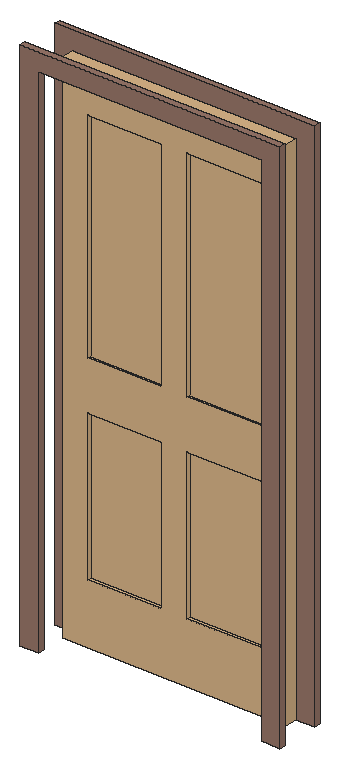
Revit family
Parameters (values of type "0915 x 2134mm")
  Thickness = 51.00 mm
  Door Material = Door - Panel
  Frame Material = Door - Frame
  Height = 2134.00 mm
  Rail Width - Base = 250.00 mm
  Rail Width - Center = 200.00 mm
  Rail Width - Top = 175.00 mm
  Stile Width = 102.00 mm
  Trim Projection Ext = 25.00 mm
  Trim Projection Int = 25.00 mm
  Trim Width = 76.00 mm
  Wall Closure = (empty or 0)
  Width = 915.00 mm
Types (7, lengths in mm): name | Height | Width
  0915 x 2134mm | 2134.00 | 915.00
  0864 x 2134mm | 2134.00 | 864.00
  0813 x 2134mm | 2134.00 | 813.00
  0762 x 2134mm | 2134.00 | 762.00
  0762 x 2032mm | 2032.00 | 762.00
  0915 x 2032mm | 2032.00 | 915.00
  0864 x 2032mm | 2032.00 | 864.00
Reference planes
  plane 1: y = 0
  plane 2: z = 0
  plane 3: x = 0
  plane 4: x = -457.5
  plane 5: x = 457.5
  plane 6: z = 2134
  plane 7: x = -355.5
  plane 8: x = 355.5
  plane 9: z = 1959
  plane 10: z = 863.6
  plane 11: z = 250
  plane 12: x = -51
  plane 13: x = 51
  plane 14: z = 1063.6
Forms (mm)
  Extrusion 1, solid, material "Door - Panel" <- "Door Material"
    sketch origin (-0.124, -219.075, 3.25) x (1, 0, 0) y (0, 0, 1)
      loop
        line (-354.827, 1957.345) -> (-354.827, 1061.741) -> (-51, 1061.741) -> (-51, 1957.345) -> (-354.827, 1957.345)
      loop
        line (51, 1957.345) -> (51, 1061.741) -> (356.173, 1061.741) -> (356.173, 1957.345) -> (51, 1957.345)
      loop
        line (-354.827, 861.945) -> (-354.827, 248.345) -> (-51, 248.345) -> (-51, 861.945) -> (-354.827, 861.945)
      loop
        line (51, 861.741) -> (51, 248.345) -> (356.173, 248.345) -> (356.173, 861.741) -> (51, 861.741)
      loop
        line (-457.5, 2132.141) -> (-457.5, -1.859) -> (457.5, -1.859) -> (457.5, 2132.141) -> (-457.5, 2132.141)
    from -295.275 to -244.275
  Extrusion 2, solid, material "Door - Frame" <- "Frame Material"
    sketch origin (-1524, -76.2, 0) x (1, 0, 0) y (0, 0, 1)
      loop
        line (990.5, 2210) -> (990.5, 1.391) -> (1066.376, 1.391) -> (1066.376, 2135.391) -> (1981.376, 2135.391) -> (1981.376, 1.391) -> (2057.5, 0) -> (2057.5, 2210) -> (990.5, 2210)
    from 0 to 25
  Extrusion 3, solid, material "Door - Frame" <- "Frame Material"
    sketch origin (-1524, 76.2, 0) x (-1, 0, 0) y (0, 0, 1)
      loop
        line (-2057.5, 2210) -> (-2057.5, 0) -> (-1981.376, 1.391) -> (-1981.376, 2135.391) -> (-1066.376, 2135.391) -> (-1066.376, 1.391) -> (-990.5, 1.391) -> (-990.5, 2210) -> (-2057.5, 2210)
    from 0 to 25
  Extrusion 4, solid, material "Door - Panel" <- "Door Material"
    sketch origin (-0.124, 25.2, 3.25) x (1, 0, 0) y (0, 0, 1)
      loop
        line (-354.827, 1957.345) -> (-354.827, 1061.741) -> (-51, 1061.741) -> (-51, 1957.345) -> (-354.827, 1957.345)
      loop
        line (51, 1957.345) -> (51, 1061.741) -> (356.173, 1061.741) -> (356.173, 1957.345) -> (51, 1957.345)
      loop
        line (-354.827, 861.945) -> (-354.827, 248.345) -> (-51, 248.345) -> (-51, 861.945) -> (-354.827, 861.945)
      loop
        line (51, 861.741) -> (51, 248.345) -> (356.173, 248.345) -> (356.173, 861.741) -> (51, 861.741)
    from -12.7 to -38.3
Lines and regions (mm)
  Opening 1
    outline origin (-1524, -76.2, 3657.6) x (0, 0, -1) y (1, 0, 0)
      loop
        line (1523.6, 1066.376) -> (3657.6, 1066.376) -> (3657.6, 1981.376) -> (1523.6, 1981.376) -> (1523.6, 1066.376)
  model lines, style "DoorsFrameMullionProjection"
    curve 1: line (-533.5, -76.2, 0) -> (-533.5, -76.2, 2210)
    curve 2: line (-533.5, -76.2, 2210) -> (533.5, -76.2, 2210)
    curve 3: line (533.5, -76.2, 2210) -> (533.5, -76.2, 0)
    curve 4: line (533.5, 76.2, 0) -> (533.5, 76.2, 2210)
    curve 5: line (-533.5, 76.2, 2210) -> (533.5, 76.2, 2210)
    curve 6: line (-533.5, 76.2, 2210) -> (-533.5, 76.2, 0)
  symbolic lines, style "DoorsPanelProjection"
    curve 7: line (457.5, 76.185, 0) -> (406.5, 76.185, 0)
    curve 8: line (457.5, 991.185, 0) -> (457.5, 76.185, 0)
    curve 9: line (406.5, 991.185, 0) -> (457.5, 991.185, 0)
    curve 10: line (406.5, 76.185, 0) -> (406.5, 991.185, 0)
  symbolic lines, style "Plan Swing"
    curve 11: arc (421.006, 991.185, 0) -> (-203.129, 710.529, 0) -> (-458.702, 75.71, 0) r 916.202
  symbolic lines, style "Elevation Swing"
    curve 12: line (-457.624, 0, 2134) -> (457.376, 0, 1067)
    curve 13: line (457.376, 0, 1067) -> (-457.624, 0, 1.391)
Dimensions and locks
  equal spacing: plane 4, plane 3, plane 5
  "Width": plane 4 to plane 5
  "Height": plane 6 to plane 2
  "Trim Width": plane 4 to curve 1
  "Trim Width": plane 5 to curve 3
  "Trim Width": plane 6 to curve 2
  locked: curve 5 to host wall
  "Thickness": Extrusion 1 to Extrusion 1  (x2)
  "Stile Width": plane 4 to plane 7
  "Stile Width": plane 8 to plane 5
  "Rail Width - Top": plane 9 to plane 6
  "Rail Width - Base": host wall to plane 11
  "Rail Width - Center": plane 10 to plane 14
  Extrusion 3 to host wall = 25.00 mm
  "Trim Projection Int": Extrusion 2 to host wall
  "Trim Projection Ext": Extrusion 3 to host wall
  "Width": curve 7 to curve 9
  "Stile Width": plane 13 to plane 12
  equal spacing: plane 13, plane 3, plane 12
  locked: host wall to Extrusion 4 at 12.7
  "Thickness": curve 10 to plane 5
  equal spacing: plane 6, curve 13, level
  aligned and locked: plane 2 to curve 1
  aligned and locked: curve 3 to level
  aligned and locked: host wall to Extrusion 1
  aligned and locked: Extrusion 2 sketch curve to curve 6
  aligned and locked: Extrusion 2 sketch curve to curve 3
  aligned and locked: Extrusion 2 sketch curve to curve 2
  aligned and locked: Extrusion 3 sketch curve to curve 3
  aligned and locked: Extrusion 3 sketch curve to curve 6
  aligned and locked: Extrusion 3 sketch curve to curve 2
  aligned and locked: Extrusion 3 sketch curve to Extrusion 1  (x6)
Automatic sketch dimensions
  level to Extrusion 1 sketch curve = 1.391 mm
  Extrusion 1 sketch curve to plane 6 = 1.391 mm
  Extrusion 1 sketch curve to plane 14 = 1.391 mm  (x2)
  Extrusion 1 sketch curve to plane 10 = 1.391 mm
  plane 4 to Extrusion 1 sketch curve = 0.124 mm
  Extrusion 1 sketch curve to plane 7 = 0.549 mm  (x2)
  Extrusion 1 sketch curve to plane 11 = 1.595 mm  (x2)
  Extrusion 1 sketch curve to plane 12 = 0.124 mm  (x2)
  Extrusion 1 sketch curve to plane 13 = 0.124 mm  (x2)
  Extrusion 1 sketch curve to plane 8 = 0.549 mm  (x2)
  plane 5 to Extrusion 1 sketch curve = 0.124 mm
  Extrusion 1 sketch curve to plane 10 = 1.595 mm
  Extrusion 1 sketch curve to plane 9 = 1.595 mm  (x2)
  Opening 1 sketch curve to plane 6 = 0.00 mm
  Opening 1 sketch curve to level = 0.00 mm
  plane 4 to Opening 1 sketch curve = 0.124 mm
  plane 5 to Opening 1 sketch curve = 0.124 mm
  plane 4 to Extrusion 2 sketch curve = 0.124 mm
  plane 5 to Extrusion 2 sketch curve = 0.124 mm
  Extrusion 2 sketch curve to level = 0.00 mm
  level to Extrusion 2 sketch curve = 1.391 mm  (x2)
  Extrusion 2 sketch curve to plane 6 = 1.391 mm
  Extrusion 3 sketch curve to level = 0.00 mm
  level to Extrusion 3 sketch curve = 1.391 mm
  Extrusion 4 sketch curve to plane 7 = 0.549 mm  (x2)
  Extrusion 4 sketch curve to plane 12 = 0.124 mm  (x2)
  Extrusion 4 sketch curve to plane 13 = 0.124 mm  (x2)
  Extrusion 4 sketch curve to plane 8 = 0.549 mm  (x2)
  Extrusion 4 sketch curve to plane 11 = 1.595 mm  (x2)
  Extrusion 4 sketch curve to plane 10 = 1.391 mm
  Extrusion 4 sketch curve to plane 10 = 1.595 mm
  Extrusion 4 sketch curve to plane 14 = 1.391 mm  (x2)
  Extrusion 4 sketch curve to plane 9 = 1.595 mm  (x2)
  curve 8 to plane 5 = 0.00 mm
  curve 11 to plane 5 = 0.00 mm
  plane 4 to curve 11 = 1.202 mm
  curve 11 to plane 8 = 65.506 mm
  curve 11 to plane 1 = 75.71 mm
  curve 12 to plane 6 = 0.00 mm
  curve 4 to level = 0.00 mm
  curve 6 to level = 0.00 mm
  curve 5 to curve 1 = 0.00 mm
  plane 5 to curve 12 = 0.124 mm
  plane 4 to curve 13 = 0.124 mm
  level to curve 13 = 1.391 mm
  curve 6 to curve 1 = 0.00 mm
  plane 4 to curve 12 = 0.124 mm
  curve 4 to curve 2 = 0.00 mm
